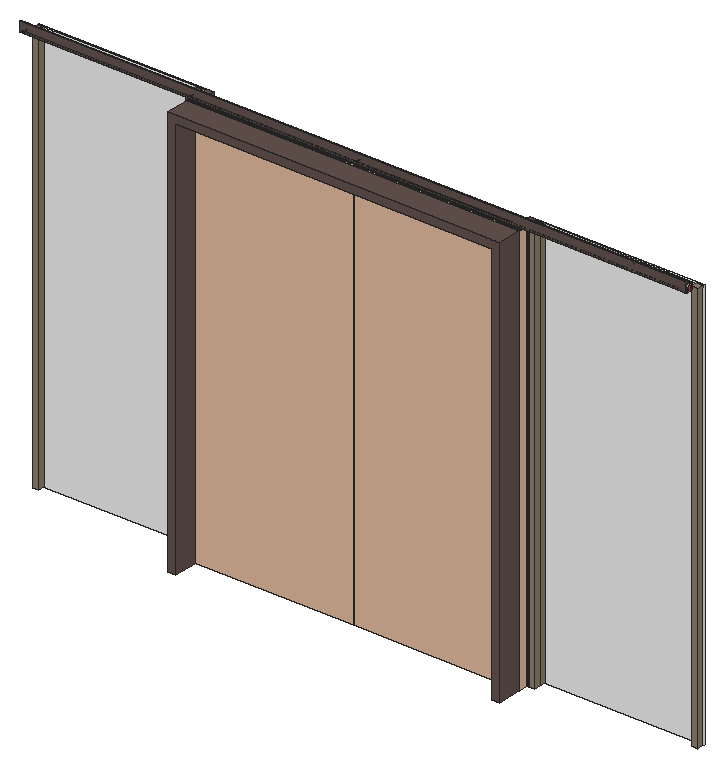
Revit family "RYN_DOR_Sliding.Barn_2Panel", category Doors, host Wall, Revit 2025
Family settings
  Host = Wall
  OmniClass Number = 23.30.10.00
  OmniClass Title = Doors
  Always vertical = Yes
  Cut with Voids When Loaded = No
  Shared = No
  Room Calculation Point = No
Parameters (values of type "W2100 X H2600 - D24")
  Sliding Length = RYN_Door_Width + 2 * RYN_Door_PanelWidth  # 4200 mm
  RYN_Material_DoorLeaf = RYN_MAT_DoorPanel_Timber
  RYN_Material_DoorFrame = RYN_MAT_DoorFrame_Timber
  RYN_Door_Width = 2100 mm
  RYN_Door_PanelWidth = RYN_Door_Width / 2  # 1050 mm
  RYN_Door_PanelThickness = 50 mm
  RYN_Door_PanelHeight = RYN_Door_Height  # 2600 mm
  RYN_Door_Height = 2600 mm
  RYN_Door_HandleOffset = 50 mm
  RYN_Door_HandleHeight = 1100 mm
  RYN_Door_FrameDepth = 50 mm
  Post Material = Wood Sheathing, Chipboard
  Panel Open Condition1 [instance] = if(Panel Open < (RYN_Door_FrameDepth + 80 mm), (RYN_Door_FrameDepth + 80 mm), if(Panel Open > RYN_Door_PanelWidth, RYN_Door_PanelWidth, Panel Open))  # 1050 mm
  Panel Open [instance] = 1200 mm
  Panel Off = 5 mm
  Material 3 = RYN_MAT_Material 3
  Material 2 = RYN_MAT_Material 2
  Material 1 = RYN_MAT_Material 1
  Lock Material = RYN_MAT_DoorLock_Galv.Steel
  Function = Interior
  Height = RYN_Door_Height  # 2600 mm
  Wall Closure = Both
  Width = RYN_Door_Width  # 2100 mm
  Front Panel Material = Cladding, Vertical Ribbed
  Front Panel 2 Width [instance] = 1050 mm
  Front Panel 1 Width [instance] = 1050 mm
  Description = ""
  Define Thermal Properties by = Schematic Type
  Analytic Construction = "<None>"
Types (2, lengths in mm): name | Panel Open Condition1 | Panel Open | Description
  W2100 X H2600 - D24 | 1050 | 1200 | ""
  W950 X H2600 - D20a | 130 | 80 | "2 Panel Sliding Barn Door - Solid Timber Panel - Solid Timber Frame+Fetured Timber Cover"
Reference planes
  plane 1: y = 0
  plane 2 "Center (Left/Right)": x = 0
  plane 3 "Left": x = -1050
  plane 4 "Right": x = 1050
  plane 5: z = 2600
  plane 6 "Exterior": y = 75
  plane 7 "Interior": y = -75
  plane 8: y = 80
  plane 9: y = 130
  plane 10: x = 1000
  plane 11: x = -1050
  plane 12: x = 1050
  plane 13: x = 2100
  plane 14: x = -964.439
  plane 15: x = -2100
  plane 16: y = 135
  plane 17 "Slide": y = 87.5
  plane 18: x = 2100
  plane 19: x = -2100
Forms (mm)
  Sweep 1, solid, material "RYN_MAT_DoorFrame_Timber" <- "RYN_Material_DoorFrame"
    path origin (0, 75, 0) x (1, 0, 0) y (0, 0, 1)
      loop
        line (-1050, 0) -> (-1050, 2600) -> (1050, 2600) -> (1050, 0)
    profile origin (1050, 75, 1300) x (0, -1, 0) y (1, 0, 0)
      loop
        line (0, 0) -> (0, -50) -> (150, -50) -> (150, 0) -> (0, 0)
  Sweep 2, solid, material "RYN_MAT_DoorFrame_Timber" <- "RYN_Material_DoorFrame"
    path origin (0, 75, 0) x (1, 0, 0) y (0, 0, 1)
      loop
        line (-2100, 2600) -> (2100, 2600)
    profile origin (0, 75, 2600) x (0, 0, 1) y (0, -1, 0)
      loop
        line (20, -12.5) -> (80, -12.5) -> (80, 0) -> (20, 0) -> (20, -12.5)
Lines and regions (mm)
  Opening 1
    outline origin (-3050, -75, 0) x (1, 0, 0) y (0, 0, 1)
      loop
        line (2000, 0) -> (4100, 0) -> (4100, 2600) -> (2000, 2600) -> (2000, 0)
  symbolic lines, style "DoorsHiddenLines"
    curve 1: line (1050, 75, 0) -> (-1050, 75, 0)
    curve 2: line (1050, 155, 0) -> (1050, 75, 0)
    curve 3: line (-1050, 75, 0) -> (-1050, 155, 0)
Text (mm)
  text "Exterior" at (-1376.75, 1099.543, 0), in view "Ref. Level"
  text "Exterior" at (0, 1615.38, 3698.081), in view "Left"
  text "Exterior" at (0, 1036.032, 3874.932), in view "Right"
Dimensions and locks
  equal spacing: plane 3 "Left", plane 2 "Center (Left/Right)", plane 4 "Right"
  "RYN_Door_Width": plane 3 "Left" to plane 4 "Right"
  "RYN_Door_Height": plane 5 to host wall
  host wall to plane 5 = 2600 mm  (x2)
  locked: plane 6 "Exterior" to host wall
  locked: plane 7 "Interior" to host wall
  "Panel Off": plane 8 to plane 6 "Exterior"
  "RYN_Door_FrameDepth": Sweep 1 sketch curve to profile plane
  "RYN_Door_PanelThickness": plane 9 to plane 8
  "RYN_Door_FrameDepth": plane 10 to plane 4 "Right"
  "RYN_Door_PanelWidth": plane 4 "Right" to plane 13
  "RYN_Door_PanelWidth": plane 3 "Left" to plane 15
  "Panel Open Condition1": plane 15 to plane 11
  "Panel Open Condition1": plane 12 to plane 13
  "Panel Off": plane 16 to plane 9
  locked: plane 17 "Slide" to plane 6 "Exterior" at 12.5
  "Front Panel 2 Width": plane 4 "Right" to plane 18
  "Front Panel 1 Width": plane 19 to plane 3 "Left"
  aligned and locked: plane 3 "Left" to Opening 1 sketch curve
  aligned and locked: plane 5 to Opening 1 sketch curve  (x2)
  aligned and locked: Opening 1 sketch curve to plane 4 "Right"
  aligned and locked: Opening 1 sketch curve to level
  aligned and locked: plane 1 to host wall
  aligned and locked: plane 8 to nested 1
  aligned and locked: plane 4 "Right" to Sweep 1 sketch curve
  aligned and locked: plane 5 to Sweep 1 sketch curve
  aligned and locked: Sweep 1 sketch curve to plane 3 "Left"
  aligned and locked: profile plane to Sweep 1 sketch curve
  aligned and locked: host wall to Sweep 1 sketch curve
  aligned and locked: plane 7 "Interior" to Sweep 1 sketch curve
  aligned and locked: plane 5 to Sweep 2 sketch curve
  aligned and locked: host wall to curve 1
  aligned and locked: curve 3 to plane 3 "Left"
  aligned and locked: plane 4 "Right" to curve 2
  aligned and locked: nested 1 to plane 11
  aligned and locked: level to nested 1
  aligned and locked: nested 2 to plane 12
  aligned and locked: nested 2 to level
  aligned and locked: plane 13 to Sweep 2 sketch curve
  aligned and locked: plane 15 to Sweep 2 sketch curve
  aligned and locked: nested 3 to plane 4 "Right"
  aligned and locked: plane 16 to nested 3
  aligned and locked: plane 6 "Exterior" to Sweep 2
  aligned and locked: plane 17 "Slide" to nested 4
  aligned and locked: plane 2 "Center (Left/Right)" to nested 4
  aligned and locked: level to nested 5
  aligned and locked: nested 5 to plane 16
  aligned and locked: nested 5 to plane 3 "Left"
Automatic sketch dimensions
  Sweep 1 sketch curve to level = 0 mm  (x2)
  Sweep 2 sketch curve to profile plane = 20 mm
  plane 6 "Exterior" to Sweep 2 sketch curve = 0 mm
  Sweep 2 sketch curve to Sweep 2 sketch curve = 60 mm
  plane 16 to curve 3 = 20 mm
  plane 16 to curve 2 = 20 mm
  Sweep 2 sketch curve to plane 6 "Exterior" = 12.5 mm
Nested families
  nested 1: "SlidingPanel" at (-525, 105, 0), type "SlidingPanel"
    with RYN_Door_PanelWidth 1050 mm, Panel Open 1200 mm
  nested 2: "SlidingPanel" at (525, 105, 0) x (-1, 0, 0) z (0, 0, 1), type "SlidingPanel"
    with RYN_Door_PanelWidth 1050 mm, Panel Open 1200 mm
  nested 3: "Sliding Front Panel 2" at (1050, 135, 0), type "Sliding Front Panel 2"
  nested 4: "Rail" at (0, 87.5, 2600), type "Rail"
    with Sliding Length 4200 mm
  nested 5: "Sliding Front Panel 1" at (-1050, 135, 0) x (-1, 0, 0) z (0, 0, 1), type "Sliding Front Panel"
    with Panel Height 2600 mm
Definition of nested family "SlidingPanel"
  Parameters (values of type "SlidingPanel")
    RYN_Material_DoorLeaf = none
    RYN_Door_PanelWidth = 1025 mm
    RYN_Door_PanelThickness = 50 mm
    RYN_Door_PanelHeight = 2600 mm
    RYN_Door_HandleOffset = 50 mm
    RYN_Door_HandleHeight = 1100 mm
    Panel Open = 500 mm
    Material 3 = none
    Material 2 = none
    Material 1 = none
    Lock Material = none
    Default Elevation = 0 mm
  Reference planes
    plane 1 "Center (Front/Back)": y = 0
    plane 2: z = 0
    plane 3 "Center (Left/Right)": x = 0
    plane 4: x = -512.5
    plane 5: x = 512.5
    plane 6: z = 2600
    plane 7: y = 25
    plane 8: y = -25
    plane 9: x = 462.5
    plane 10: z = 1100
    plane 11: y = 17.5
    plane 12: y = 12.543
    plane 13: y = 3.38
    plane 14: x = -1012.5
  Forms (mm)
    Extrusion 1, solid, material <- "RYN_Material_DoorLeaf"
      sketch origin (0, 0, 0) x (1, 0, 0) y (0, 1, 0)
        loop
          line (-512.5, -25) -> (512.5, -25) -> (512.5, 25) -> (-512.5, 25) -> (-512.5, -25)
      from 0 to 2600
    Sweep 2, solid, material <- "Material 3"
      path origin (0, 0, 0) x (1, 0, 0) y (0, 0, 1)
        loop
          line (-512.5, 2600) -> (512.5, 2600)
      profile origin (0, 0, 2600) x (0, 0, 1) y (0, -1, 0)
        loop
          line (4.681, 10.62) -> (0, 10.62) -> (0, -11.38) -> (4.681, -11.38) -> (4.681, -2.08) -> (15.327, -2.08) -> (15.327, -3.38) -> (24.33, -3.38) -> (24.33, -5.38) -> (28.33, -5.38) -> (28.33, -6.442) -> (19.83, -6.442)
          arc (19.83, -6.442) -> (18.769, -6.881) -> (18.33, -7.942) r 1.5
          line (18.33, -7.942) -> (18.33, -9.942)
          arc (18.33, -9.942) -> (18.769, -11.002) -> (19.83, -11.442) r 1.5
          line (19.83, -11.442) -> (40.83, -11.442)
          arc (40.83, -11.442) -> (41.891, -11.002) -> (42.33, -9.942) r 1.5
          line (42.33, -9.942) -> (42.33, -7.942)
          arc (42.33, -7.942) -> (41.891, -6.881) -> (40.83, -6.442) r 1.5
          line (40.83, -6.442) -> (32.33, -6.442) -> (32.33, -5.38) -> (36.33, -5.38) -> (36.33, -2.08) -> (43.585, -2.08) -> (43.585, 1.32) -> (36.33, 1.32) -> (36.33, 4.62) -> (32.33, 4.62) -> (32.33, 5.682) -> (40.83, 5.682)
          arc (40.83, 5.682) -> (41.891, 6.121) -> (42.33, 7.182) r 1.5
          line (42.33, 7.182) -> (42.33, 9.182)
          arc (42.33, 9.182) -> (41.891, 10.242) -> (40.83, 10.682) r 1.5
          line (40.83, 10.682) -> (19.83, 10.682)
          arc (19.83, 10.682) -> (18.769, 10.242) -> (18.33, 9.182) r 1.5
          line (18.33, 9.182) -> (18.33, 7.182)
          arc (18.33, 7.182) -> (18.769, 6.121) -> (19.83, 5.682) r 1.5
          line (19.83, 5.682) -> (28.33, 5.682) -> (28.33, 4.62) -> (24.33, 4.62) -> (24.33, 2.62) -> (15.327, 2.62) -> (15.327, 1.32) -> (4.681, 1.32) -> (4.681, 10.62)
  Dimensions and locks
    "RYN_Door_PanelHeight": plane 6 to level
    equal spacing: plane 5, plane 3 "Center (Left/Right)", plane 4
    "RYN_Door_PanelWidth": plane 4 to plane 5
    equal spacing: plane 7, plane 1 "Center (Front/Back)", plane 8
    "RYN_Door_PanelThickness": plane 7 to plane 8
    plane 3 "Center (Left/Right)" to Extrusion 1 = 512.5 mm
    "RYN_Door_HandleOffset": plane 9 to plane 5
    "RYN_Door_HandleHeight": plane 10 to level
    plane 12 to plane 1 "Center (Front/Back)" = 12.543 mm
    plane 11 to plane 1 "Center (Front/Back)" = 17.5 mm
    plane 13 to plane 1 "Center (Front/Back)" = 3.38 mm
    "Panel Open": plane 4 to plane 14
    aligned and locked: level to plane 2
    aligned and locked: Extrusion 1 sketch curve to plane 8
    aligned and locked: Extrusion 1 sketch curve to plane 4
    aligned and locked: Extrusion 1 sketch curve to plane 7
    aligned and locked: Extrusion 1 sketch curve to plane 5
    aligned and locked: Extrusion 1 to level
    aligned and locked: Sweep 2 sketch curve to plane 6
    aligned and locked: plane 4 to Sweep 2 sketch curve
    aligned and locked: plane 5 to Sweep 2 sketch curve
    aligned and locked: plane 6 to Extrusion 1
    aligned and locked: nested 1 to plane 9
    aligned and locked: nested 1 to plane 8
    aligned and locked: plane 10 to nested 1
    aligned and locked: plane 13 to Sweep 2
  Automatic sketch dimensions
    profile plane to Sweep 2 sketch curve = 0 mm
    Sweep 2 sketch curve to profile plane = 4.681 mm  (x2)
    Sweep 2 sketch curve to plane 1 "Center (Front/Back)" = 2.08 mm  (x2)
    Sweep 2 sketch curve to Sweep 2 sketch curve = 10.646 mm
    Sweep 2 sketch curve to Sweep 2 sketch curve = 0 mm  (x4)
    Sweep 2 sketch curve to Sweep 2 sketch curve = 3.003 mm  (x2)
    Sweep 2 sketch curve to Sweep 2 sketch curve = 1.5 mm  (x6)
    plane 1 "Center (Front/Back)" to Sweep 2 sketch curve = 2.62 mm
    Sweep 2 sketch curve to Sweep 2 sketch curve = 4.5 mm  (x4)
    Sweep 2 sketch curve to Sweep 2 sketch curve = 4 mm  (x5)
    plane 1 "Center (Front/Back)" to Sweep 2 sketch curve = 1.32 mm
    Sweep 2 sketch curve to Sweep 2 sketch curve = 2.755 mm
    Sweep 2 sketch curve to plane 1 "Center (Front/Back)" = 3.38 mm
    Sweep 2 sketch curve to Sweep 2 sketch curve = 2 mm  (x4)
    Sweep 2 sketch curve to Sweep 2 sketch curve = 3.3 mm  (x2)
    Sweep 2 sketch curve to Sweep 2 sketch curve = 1.062 mm  (x4)
    Sweep 2 sketch curve to Sweep 2 sketch curve = 9.3 mm  (x2)
    Sweep 2 sketch curve to Sweep 2 sketch curve = 1.3 mm
  Nested families
    nested 1: "HandleS" at (462.5, -25, 1100), type "HandleS"
  Definition of nested family "HandleS"
    Parameters (values of type "HandleS")
      W = 60 mm
      Lock Material = none
      KD = 50 mm
      K Off = 150 mm
      H = 180 mm
      Depth = 50 mm
      Default Elevation = 0 mm
    Reference planes
      plane 1 "Center (Front/Back)": y = 0
      plane 2: z = 0
      plane 3 "Center (Left/Right)": x = 0
      plane 4: y = -50
      plane 5: z = -150
      plane 6: y = -25
    Forms (mm)
      Extrusion 1, solid, material <- "Lock Material"
        sketch origin (0, 0, 0) x (1, 0, 0) y (0, 0, 1)
          loop
            line (-30, 90) -> (-30, -90) -> (30, -90) -> (30, 90) -> (-30, 90)
        from 0 to 50
      Extrusion 2, solid, material <- "Lock Material"
        sketch origin (0, 0, 0) x (1, 0, 0) y (0, 0, 1)
          loop
            circle (0, -150) r 25
        from 0 to 25
      Extrusion 3, void
        sketch origin (0, 0, 0) x (1, 0, 0) y (0, 0, 1)
          loop
            line (-5, -147.495) -> (-5, -167.919) -> (5, -167.919) -> (5, -147.495)
            arc (5, -147.495) -> (0, -133.25) -> (-5, -147.495) r 8
        from 0 to 25
    Cuts and joins
      Extrusion 3 cuts Extrusion 2
    Dimensions and locks
      equal spacing: Extrusion 1 sketch curve, plane 3 "Center (Left/Right)", Extrusion 1 sketch curve
      equal spacing: Extrusion 1 sketch curve, level, Extrusion 1 sketch curve
      "H": Extrusion 1 sketch curve to Extrusion 1 sketch curve
      "W": Extrusion 1 sketch curve to Extrusion 1 sketch curve
      "Depth": plane 4 to plane 1 "Center (Front/Back)"
      "K Off": level to plane 5
      equal spacing: Extrusion 3 sketch curve, plane 3 "Center (Left/Right)", Extrusion 3 sketch curve
      Extrusion 3 sketch curve to plane 3 "Center (Left/Right)" = 5 mm
      equal spacing: plane 1 "Center (Front/Back)", plane 6, plane 4
      "KD": diameter of Extrusion 2 sketch curve
      aligned and locked: level to plane 2
      aligned and locked: Extrusion 1 to plane 1 "Center (Front/Back)"
      aligned and locked: Extrusion 1 to plane 4
      aligned and locked: plane 3 "Center (Left/Right)" to Extrusion 2 sketch curve
      aligned and locked: plane 5 to Extrusion 2 sketch curve
      aligned and locked: Extrusion 3 to plane 1 "Center (Front/Back)"
      aligned and locked: Extrusion 2 to plane 1 "Center (Front/Back)"
      aligned and locked: Extrusion 2 to plane 6
      aligned and locked: Extrusion 2 to Extrusion 3
    Automatic sketch dimensions
      Extrusion 3 sketch curve to plane 3 "Center (Left/Right)" = 0 mm
      Extrusion 3 sketch curve to plane 5 = 17.919 mm
      plane 5 to Extrusion 3 sketch curve = 2.505 mm
      radius of Extrusion 3 sketch curve = 8 mm
Definition of nested family "Sliding Front Panel 2"
  Parameters (values of type "Sliding Front Panel 2")
    Side Panel Thickness = 10 mm
    Post Material = none
    Post = 40 mm
    Panel Width = 1050 mm
    Panel Height = 2600 mm
    Front Panel Material = none
    Frame Width = 90 mm
    Frame Depth = 50 mm
    Frame Material = none
    Default Elevation = 0 mm
  Reference planes
    plane 1 "Center (Front/Back)": y = 0
    plane 2: z = 0
    plane 3 "Center (Left/Right)": x = 0
    plane 4: x = 1050
    plane 5: z = 2600
  Forms (mm)
    Extrusion 1, solid, material <- "Post Material"
      sketch origin (10, 40, 0) x (1, 0, 0) y (0, 1, 0)
        loop
          line (0, -40) -> (40, -40) -> (40, 0) -> (0, 0) -> (0, -40)
      from 0 to 2600
    Extrusion 2, solid, material <- "Post Material"
      sketch origin (1010, 50, 0) x (1, 0, 0) y (0, 1, 0)
        loop
          line (0, -10) -> (40, -10) -> (40, 30) -> (0, 30) -> (0, -10)
      from 0 to 2600
    Extrusion 3, solid, material <- "Front Panel Material"
      sketch origin (50, 90, 0) x (1, 0, 0) y (0, 1, 0)
        loop
          line (-40, -90) -> (-40, -10) -> (1000, -10) -> (1000, 0) -> (-50, 0) -> (-50, -90) -> (-40, -90)
      from 0 to 2600
    Extrusion 4, solid, material <- "Post Material"
      sketch origin (10, 80, 0) x (1, 0, 0) y (0, 1, 0)
        loop
          line (0, 0) -> (0, -40) -> (40, -40) -> (40, 0) -> (0, 0)
      from 0 to 2600
    Extrusion 5, solid, material <- "Frame Material"
      sketch origin (-80, 80, 0) x (1, 0, 0) y (0, 1, 0)
        loop
          line (30, 10) -> (30, -80) -> (80, -80) -> (80, 10) -> (30, 10)
      from 0 to 2600
  Dimensions and locks
    "Post": Extrusion 1 sketch curve to Extrusion 1 sketch curve  (x2)
    "Post": Extrusion 2 sketch curve to Extrusion 2 sketch curve  (x2)
    "Side Panel Thickness": Extrusion 3 sketch curve to Extrusion 3 sketch curve  (x2)
    "Post": Extrusion 4 sketch curve to Extrusion 4 sketch curve  (x2)
    "Panel Width": plane 3 "Center (Left/Right)" to plane 4
    "Frame Width": Extrusion 5 sketch curve to Extrusion 5 sketch curve
    "Frame Depth": Extrusion 5 sketch curve to Extrusion 5 sketch curve
    "Panel Height": plane 5 to level
    aligned and locked: level to plane 2
    aligned and locked: Extrusion 2 to Extrusion 3  (x2)
    aligned and locked: plane 1 "Center (Front/Back)" to Extrusion 1
    aligned and locked: plane 1 "Center (Front/Back)" to Extrusion 3
    aligned and locked: plane 4 to Extrusion 3
    aligned and locked: Extrusion 5 sketch curve to plane 3 "Center (Left/Right)"
    aligned and locked: Extrusion 5 sketch curve to plane 1 "Center (Front/Back)"
    aligned and locked: plane 5 to Extrusion 3
    aligned and locked: plane 5 to Extrusion 2
    aligned and locked: plane 5 to Extrusion 5
    aligned and locked: plane 5 to Extrusion 1
    aligned and locked: plane 5 to Extrusion 4
  Automatic sketch dimensions
    plane 1 "Center (Front/Back)" to Extrusion 1 sketch curve = 0 mm
    plane 3 "Center (Left/Right)" to Extrusion 1 sketch curve = 10 mm
    Extrusion 2 sketch curve to plane 4 = 0 mm
    Extrusion 2 sketch curve to plane 1 "Center (Front/Back)" = 40 mm
    Extrusion 3 sketch curve to plane 3 "Center (Left/Right)" = 0 mm
    Extrusion 3 sketch curve to plane 4 = 0 mm
    plane 1 "Center (Front/Back)" to Extrusion 3 sketch curve = 0 mm
    Extrusion 3 sketch curve to plane 1 "Center (Front/Back)" = 80 mm
    plane 3 "Center (Left/Right)" to Extrusion 4 sketch curve = 10 mm
    Extrusion 4 sketch curve to plane 1 "Center (Front/Back)" = 40 mm
Definition of nested family "Rail"
  Parameters (values of type "Rail")
    Sliding Length = 2000 mm
    Material 3 = none
    Material 2 = none
    Material 1 = none
    Default Elevation = 0 mm
  Reference planes
    plane 1 "Center (Front/Back)": y = 0
    plane 2: z = 0
    plane 3 "Center (Left/Right)": x = 0
    plane 4: x = -1000
    plane 5: x = 1000
  Forms (mm)
    Sweep 1, solid, material <- "Material 1"
      path origin (1064.785, 17.5, -2600) x (1, 0, 0) y (0, 0, -1)
        loop
          line (-2064.785, -2600) -> (-64.785, -2600)
      profile origin (0, 17.5, 0) x (0, 0, -1) y (0, 1, 0)
        loop
          line (-71.14, -14.29) -> (-71.14, -17.5) -> (-50.72, -17.5) -> (-18.62, -17.5)
          arc (-18.62, -17.5) -> (-15.084, -16.036) -> (-13.62, -12.5) r 5
          line (-13.62, -12.5) -> (-13.62, -6.8) -> (-16.83, -6.8) -> (-16.83, -12.15)
          arc (-16.83, -12.15) -> (-17.457, -13.663) -> (-18.97, -14.29) r 2.14
          line (-18.97, -14.29) -> (-49.65, -14.29)
          arc (-49.65, -14.29) -> (-51.163, -13.663) -> (-51.79, -12.15) r 2.14
          line (-51.79, -12.15) -> (-51.79, 11.39)
          arc (-51.79, 11.39) -> (-51.163, 12.903) -> (-49.65, 13.53) r 2.14
          line (-49.65, 13.53) -> (-18.97, 13.53)
          arc (-18.97, 13.53) -> (-17.457, 12.903) -> (-16.83, 11.39) r 2.14
          line (-16.83, 11.39) -> (-16.83, 6.04) -> (-13.62, 6.04) -> (-13.62, 11.74)
          arc (-13.62, 11.74) -> (-15.084, 15.276) -> (-18.62, 16.74) r 5
          line (-18.62, 16.74) -> (-50, 16.74)
          arc (-50, 16.74) -> (-53.536, 15.276) -> (-55, 11.74) r 5
          line (-55, 11.74) -> (-55, 6.102)
          spline (-55, 6.102) -> (-55.086, 3.44) -> (-55.341, 0.824) -> (-55.761, -1.702) -> (-56.34, -4.094) -> (-57.066, -6.312) -> (-57.929, -8.317) -> (-58.912, -10.076) -> (-60, -11.558) -> (-61.173, -12.738) -> (-62.412, -13.595) -> (-63.695, -14.116) -> (-65, -14.29)
          line (-65, -14.29) -> (-71.14, -14.29)
    Sweep 2, solid, material <- "Material 2"
      path origin (1017.285, 17.5, -2600) x (1, 0, 0) y (0, 0, -1)
        loop
          line (-2017.285, -2600) -> (-17.285, -2600)
      profile origin (0, 17.5, 0) x (0, 0, -1) y (0, 1, 0)
        loop
          line (-18.33, -7.942) -> (-18.33, -11.043)
          arc (-18.33, -11.043) -> (-18.769, -12.103) -> (-19.83, -12.543) r 1.5
          line (-19.83, -12.543) -> (-47.419, -12.543)
          arc (-47.419, -12.543) -> (-48.48, -12.103) -> (-48.919, -11.043) r 1.5
          line (-48.919, -11.043) -> (-48.919, -0.38) -> (-48.919, 10.283)
          arc (-48.919, 10.283) -> (-48.48, 11.343) -> (-47.419, 11.783) r 1.5
          line (-47.419, 11.783) -> (-19.83, 11.783)
          arc (-19.83, 11.783) -> (-18.769, 11.343) -> (-18.33, 10.283) r 1.5
          line (-18.33, 10.283) -> (-18.33, 7.182)
          arc (-18.33, 7.182) -> (-18.566, 6.374) -> (-19.201, 5.82) r 1.5
          line (-19.201, 5.82) -> (-18.572, 4.458)
          arc (-18.572, 4.458) -> (-17.303, 5.565) -> (-16.83, 7.182) r 3
          line (-16.83, 7.182) -> (-16.83, 10.283)
          arc (-16.83, 10.283) -> (-17.709, 12.404) -> (-19.83, 13.283) r 3
          line (-19.83, 13.283) -> (-47.419, 13.283)
          arc (-47.419, 13.283) -> (-49.54, 12.404) -> (-50.419, 10.283) r 3
          line (-50.419, 10.283) -> (-50.419, -0.38) -> (-50.419, -11.043)
          arc (-50.419, -11.043) -> (-49.54, -13.164) -> (-47.419, -14.043) r 3
          line (-47.419, -14.043) -> (-19.83, -14.043)
          arc (-19.83, -14.043) -> (-17.709, -13.164) -> (-16.83, -11.043) r 3
          line (-16.83, -11.043) -> (-16.83, -7.942)
          arc (-16.83, -7.942) -> (-17.303, -6.325) -> (-18.572, -5.218) r 3
          line (-18.572, -5.218) -> (-19.201, -6.58)
          arc (-19.201, -6.58) -> (-18.566, -7.134) -> (-18.33, -7.942) r 1.5
  Dimensions and locks
    equal spacing: plane 4, plane 3 "Center (Left/Right)", plane 5
    "Sliding Length": plane 4 to plane 5
    aligned and locked: level to plane 2
    aligned and locked: plane 4 to Sweep 2 sketch curve
    aligned and locked: plane 5 to Sweep 2 sketch curve
    aligned and locked: plane 4 to Sweep 1 sketch curve
    aligned and locked: plane 5 to Sweep 1 sketch curve
  Automatic sketch dimensions
    Sweep 1 sketch curve to level = 0 mm
    Sweep 1 sketch curve to profile plane = 14.29 mm
    profile plane to Sweep 1 sketch curve = 71.14 mm
    Sweep 1 sketch curve to Sweep 1 sketch curve = 6.14 mm
    Sweep 1 sketch curve to Sweep 1 sketch curve = 10 mm
    Sweep 1 sketch curve to Sweep 1 sketch curve = 3.21 mm  (x4)
    Sweep 1 sketch curve to Sweep 1 sketch curve = 1.07 mm
    Sweep 1 sketch curve to Sweep 1 sketch curve = 1.79 mm
    Sweep 1 sketch curve to Sweep 1 sketch curve = 2.14 mm  (x3)
    Sweep 1 sketch curve to Sweep 1 sketch curve = 0.35 mm  (x4)
    profile plane to Sweep 1 sketch curve = 18.97 mm  (x2)
    Sweep 1 sketch curve to profile plane = 17.5 mm
    Sweep 1 sketch curve to Sweep 1 sketch curve = 5.35 mm  (x2)
    profile plane to Sweep 1 sketch curve = 6.04 mm
    profile plane to Sweep 1 sketch curve = 6.102 mm
    Sweep 2 sketch curve to level = 0 mm
    Sweep 2 sketch curve to Sweep 2 sketch curve = 0 mm  (x14)
    Sweep 2 sketch curve to profile plane = 11.043 mm
    profile plane to Sweep 2 sketch curve = 50.419 mm
    Sweep 2 sketch curve to Sweep 2 sketch curve = 1.5 mm  (x5)
    profile plane to Sweep 2 sketch curve = 19.83 mm  (x2)
    profile plane to Sweep 2 sketch curve = 5.82 mm
    Sweep 2 sketch curve to Sweep 2 sketch curve = 0.629 mm  (x2)
    Sweep 2 sketch curve to profile plane = 6.58 mm
    profile plane to Sweep 2 sketch curve = 4.458 mm
    Sweep 2 sketch curve to profile plane = 5.218 mm
    Sweep 2 sketch curve to profile plane = 0.38 mm  (x2)
    Sweep 2 sketch curve to Sweep 2 sketch curve = 3.101 mm
Definition of nested family "Sliding Front Panel 1"
  Parameters (values of type "Sliding Front Panel")
    Side Panel Thickness = 10 mm
    Post Material = none
    Post = 40 mm
    Panel Width = 1050 mm
    Panel Height = 2100 mm
    Front Panel Material = none
    Frame Width = 90 mm
    Frame Depth = 50 mm
    Frame Material = none
    Default Elevation = 0 mm
  Reference planes
    plane 1 "Center (Front/Back)": y = 0
    plane 2: z = 0
    plane 3 "Center (Left/Right)": x = 0
    plane 4: x = 1050
    plane 5: z = 2100
  Forms (mm)
    Extrusion 1, solid, material <- "Post Material"
      sketch origin (10, 40, 0) x (1, 0, 0) y (0, 1, 0)
        loop
          line (0, -40) -> (40, -40) -> (40, 0) -> (0, 0) -> (0, -40)
      from 0 to 2100
    Extrusion 2, solid, material <- "Post Material"
      sketch origin (1010, 50, 0) x (1, 0, 0) y (0, 1, 0)
        loop
          line (0, -10) -> (40, -10) -> (40, 30) -> (0, 30) -> (0, -10)
      from 0 to 2100
    Extrusion 3, solid, material <- "Front Panel Material"
      sketch origin (50, 90, 0) x (1, 0, 0) y (0, 1, 0)
        loop
          line (-40, -90) -> (-40, -10) -> (1000, -10) -> (1000, 0) -> (-50, 0) -> (-50, -90) -> (-40, -90)
      from 0 to 2100
    Extrusion 4, solid, material <- "Post Material"
      sketch origin (10, 80, 0) x (1, 0, 0) y (0, 1, 0)
        loop
          line (0, 0) -> (0, -40) -> (40, -40) -> (40, 0) -> (0, 0)
      from 0 to 2100
    Extrusion 5, solid, material <- "Frame Material"
      sketch origin (-80, 80, 0) x (1, 0, 0) y (0, 1, 0)
        loop
          line (30, 10) -> (30, -80) -> (80, -80) -> (80, 10) -> (30, 10)
      from 0 to 2100
  Dimensions and locks
    "Post": Extrusion 1 sketch curve to Extrusion 1 sketch curve  (x2)
    "Post": Extrusion 2 sketch curve to Extrusion 2 sketch curve  (x2)
    "Side Panel Thickness": Extrusion 3 sketch curve to Extrusion 3 sketch curve  (x2)
    "Post": Extrusion 4 sketch curve to Extrusion 4 sketch curve  (x2)
    "Panel Width": plane 3 "Center (Left/Right)" to plane 4
    "Frame Width": Extrusion 5 sketch curve to Extrusion 5 sketch curve
    "Frame Depth": Extrusion 5 sketch curve to Extrusion 5 sketch curve
    "Panel Height": plane 5 to level
    aligned and locked: level to plane 2
    aligned and locked: Extrusion 2 to Extrusion 3  (x2)
    aligned and locked: plane 1 "Center (Front/Back)" to Extrusion 1
    aligned and locked: plane 1 "Center (Front/Back)" to Extrusion 3
    aligned and locked: plane 4 to Extrusion 3
    aligned and locked: Extrusion 5 sketch curve to plane 3 "Center (Left/Right)"
    aligned and locked: Extrusion 5 sketch curve to plane 1 "Center (Front/Back)"
    aligned and locked: plane 5 to Extrusion 3
    aligned and locked: plane 5 to Extrusion 2
    aligned and locked: plane 5 to Extrusion 5
    aligned and locked: plane 5 to Extrusion 1
    aligned and locked: plane 5 to Extrusion 4
  Automatic sketch dimensions
    plane 1 "Center (Front/Back)" to Extrusion 1 sketch curve = 0 mm
    plane 3 "Center (Left/Right)" to Extrusion 1 sketch curve = 10 mm
    Extrusion 2 sketch curve to plane 4 = 0 mm
    Extrusion 2 sketch curve to plane 1 "Center (Front/Back)" = 40 mm
    Extrusion 3 sketch curve to plane 3 "Center (Left/Right)" = 0 mm
    Extrusion 3 sketch curve to plane 4 = 0 mm
    plane 1 "Center (Front/Back)" to Extrusion 3 sketch curve = 0 mm
    Extrusion 3 sketch curve to plane 1 "Center (Front/Back)" = 80 mm
    plane 3 "Center (Left/Right)" to Extrusion 4 sketch curve = 10 mm
    Extrusion 4 sketch curve to plane 1 "Center (Front/Back)" = 40 mm
